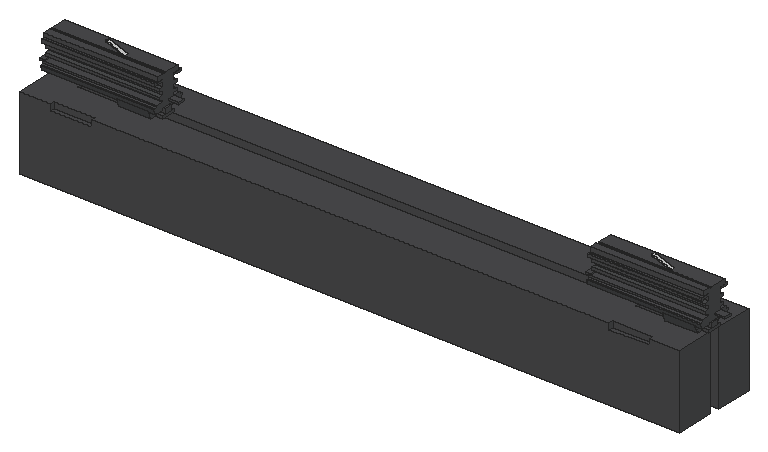
Revit family "DOT DOUBLE HEAD RAIL 646_DTM30U6.7_W6.7_N6.7", category Luminarias, Revit 2019
Family settings
  Cota de conector redondo = Diámetro de uso
  Tipo de pieza = Normal
  Se basa en plano de trabajo = Sí
  Siempre vertical = Sí
  Corte con vacíos al cargar = No
  Origen de luz = Sí
  Compartido = No
  Punto de cálculo de habitación = No
Parameters (values of type "DOT DOUBLE HEAD RAIL 646_DTM30W6.7.36")
  Ángulo de inclinación = 60.00°
  Ángulo de enfoque = 36.00°
  Ángulo de campo de foco = 36.00°
  Zone [instance] = ""
  Watt per fixture = 60
  Wattage = 60 W
  built-in parameter 1150107 = 3000 (stored number, unit not read)
  built-in parameter 1150110 = 1 (stored number, unit not read)
  built-in parameter 1150109 = 1 (stored number, unit not read)
  built-in parameter 1150112 = 1 (stored number, unit not read)
  built-in parameter 1150113 = 1 (stored number, unit not read)
  built-in parameter 1114218 = 1 (stored number, unit not read)
  Keynote = ""
  built-in parameter 1150137 = (empty or 0)
  built-in parameter 1150132 = (empty or 0)
  Modelo = "DTM30W6.7.15"
  Lámpara = "3030SMD PHILIPS"
  Light Source Symbol Length = 3048 mm
  built-in parameter 1150105 = 102855.4 (stored number, unit not read)
  built-in parameter 1150102 = (empty or 0)
  built-in parameter 1150106 = 1028.6 (stored number, unit not read)
  Lumens = 10200 lm
  Color Filter = 16777215
  built-in parameter 1114217 = 1 (stored number, unit not read)
  built-in parameter 1150139 = (empty or 0)
  Fabricante = "BRILLANT"
  Default Elevation = 1219.2 mm
  built-in parameter 1150104 = 15.794 (stored number, unit not read)
  Descripción = "LUMINARIA DE DOBLE CABEZAL TIPO DOWNLIGHT EN FORMATO RECTANGULAR COMPATIBLE CON RIEL DE 6 ENTRADAS Y 3 CIRCUITOS CON CABEZAL PARA PODER DIRIGIR LA LUMINARIA HASTA 90 GRADOS, CUERPO DE ALUMINIO ACABADO EN COLOR NEGRO, IP 20, PESO 2.96Kg, TIPO DE LED 3030SMD PHILIPS CON 60W TOTAL, 2800 LUMENES, 170LM/W, IRC 90, TEMPERATURA EN BLANCO CALIDO 3000K, 50 MIL HORAS DE VIDA PROMEDIO, APERTURA DE 36 GRADOS POR PROYECTO, ALIMENTADO A 90-240V"
  built-in parameter 1150115 = 1 (stored number, unit not read)
  built-in parameter 1150114 = 1 (stored number, unit not read)
  Comentarios de vataje = "90-240V"
  built-in parameter 1150138 = (empty or 0)
  built-in parameter 1150134 = (empty or 0)
  Circuit [instance] = ""
  Dimming Lamp Color Temperature Shift = (empty or 0)
  Longitud de símbolo de origen de luz = 3048 mm
Types (12, lengths in mm): name | Ángulo de enfoque | Ángulo de campo de foco | built-in parameter 1150107 | Modelo | built-in parameter 1150105 | built-in parameter 1150106 | Lumens | built-in parameter 1150104 | Descripción | built-in parameter 1150134
  DOT DOUBLE HEAD RAIL 646_DTM30N6.7.15 | 15.00° | 15.00° | 4000 (stored number, unit not read) | "DTM30N6.7.15" | 278393.1 (stored number, unit not read) | 2783.9 (stored number, unit not read) | 10800 lm | 16.723 (stored number, unit not read) | "LUMINARIA DE DOBLE CABEZAL TIPO DOWNLIGHT EN FORMATO RECTANGULAR COMPATIBLE CON RIEL DE 6 ENTRADAS Y 3 CIRCUITOS CON CABEZAL PARA PODER DIRIGIR LA LUMINARIA HASTA 90 GRADOS, CUERPO DE ALUMINIO ACABADO EN COLOR NEGRO, IP 20, PESO 2.96Kg, TIPO DE LED 3030SMD PHILIPS CON 60W TOTAL, 2900 LUMENES, 180LM/W, IRC 90, TEMPERATURA EN BLANCO FRIO 4000K, 50 MIL HORAS DE VIDA PROMEDIO, APERTURA DE 15 GRADOS POR PROYECTO, ALIMENTADO A 90-240V" | 12
  DOT DOUBLE HEAD RAIL 646_DTM30N6.7.1535 | 35.00° | 15.00° | 4000 (stored number, unit not read) | "DTM30N6.7.1535" | 278393.1 (stored number, unit not read) | 2783.9 (stored number, unit not read) | 10800 lm | 16.723 (stored number, unit not read) | "LUMINARIA DE DOBLE CABEZAL TIPO DOWNLIGHT EN FORMATO RECTANGULAR COMPATIBLE CON RIEL DE 6 ENTRADAS Y 3 CIRCUITOS CON CABEZAL PARA PODER DIRIGIR LA LUMINARIA HASTA 90 GRADOS, CUERPO DE ALUMINIO ACABADO EN COLOR NEGRO, IP 20, PESO 2.96Kg, TIPO DE LED 3030SMD PHILIPS CON 60W TOTAL, 2900 LUMENES, 180LM/W, IRC 90, TEMPERATURA EN BLANCO FRIO 4000K, 50 MIL HORAS DE VIDA PROMEDIO, APERTURA ELIPTICA DE 15X35 GRADOS POR PROYECTO, ALIMENTADO A 90-240V" | 12
  DOT DOUBLE HEAD RAIL 646_DTM30N6.7.36 | 36.00° | 36.00° | 4000 (stored number, unit not read) | "DTM30N6.7.36" | 278393.1 (stored number, unit not read) | 2783.9 (stored number, unit not read) | 10800 lm | 16.723 (stored number, unit not read) | "LUMINARIA DE DOBLE CABEZAL TIPO DOWNLIGHT EN FORMATO RECTANGULAR COMPATIBLE CON RIEL DE 6 ENTRADAS Y 3 CIRCUITOS CON CABEZAL PARA PODER DIRIGIR LA LUMINARIA HASTA 90 GRADOS, CUERPO DE ALUMINIO ACABADO EN COLOR NEGRO, IP 20, PESO 2.96Kg, TIPO DE LED 3030SMD PHILIPS CON 60W TOTAL, 2900 LUMENES, 180LM/W, IRC 90, TEMPERATURA EN BLANCO FRIO 4000K, 50 MIL HORAS DE VIDA PROMEDIO, APERTURA DE 36 GRADOS POR PROYECTO, ALIMENTADO A 90-240V" | 12
  DOT DOUBLE HEAD RAIL 646_DTM30N6.7.24 | 24.00° | 24.00° | 4000 (stored number, unit not read) | "DTM30N6.7.24" | 278393.1 (stored number, unit not read) | 2783.9 (stored number, unit not read) | 10800 lm | 16.723 (stored number, unit not read) | "LUMINARIA DE DOBLE CABEZAL TIPO DOWNLIGHT EN FORMATO RECTANGULAR COMPATIBLE CON RIEL DE 6 ENTRADAS Y 3 CIRCUITOS CON CABEZAL PARA PODER DIRIGIR LA LUMINARIA HASTA 90 GRADOS, CUERPO DE ALUMINIO ACABADO EN COLOR NEGRO, IP 20, PESO 2.96Kg, TIPO DE LED 3030SMD PHILIPS CON 60W TOTAL, 2900 LUMENES, 180LM/W, IRC 90, TEMPERATURA EN BLANCO FRIO 4000K, 50 MIL HORAS DE VIDA PROMEDIO, APERTURA DE 24 GRADOS POR STOCK, ALIMENTADO A 90-240V" | 12
  DOT DOUBLE HEAD RAIL 646_DTM30W6.7.24 | 24.00° | 24.00° | 3000 (stored number, unit not read) | "DTM30W6.7.24" | 102855.4 (stored number, unit not read) | 1028.6 (stored number, unit not read) | 10200 lm | 15.794 (stored number, unit not read) | "LUMINARIA DE DOBLE CABEZAL TIPO DOWNLIGHT EN FORMATO RECTANGULAR COMPATIBLE CON RIEL DE 6 ENTRADAS Y 3 CIRCUITOS CON CABEZAL PARA PODER DIRIGIR LA LUMINARIA HASTA 90 GRADOS, CUERPO DE ALUMINIO ACABADO EN COLOR NEGRO, IP 20, PESO 2.96Kg, TIPO DE LED 3030SMD PHILIPS CON 60W TOTAL, 2800 LUMENES, 170LM/W, IRC 90, TEMPERATURA EN BLANCO CALIDO 3000K, 50 MIL HORAS DE VIDA PROMEDIO, APERTURA DE 24 GRADOS POR STOCK, ALIMENTADO A 90-240V" | (empty or 0)
  DOT DOUBLE HEAD RAIL 646_DTM30W6.7.15 | 15.00° | 15.00° | 3000 (stored number, unit not read) | "DTM30W6.7.15" | 102855.4 (stored number, unit not read) | 1028.6 (stored number, unit not read) | 10200 lm | 15.794 (stored number, unit not read) | "LUMINARIA DE DOBLE CABEZAL TIPO DOWNLIGHT EN FORMATO RECTANGULAR COMPATIBLE CON RIEL DE 6 ENTRADAS Y 3 CIRCUITOS CON CABEZAL PARA PODER DIRIGIR LA LUMINARIA HASTA 90 GRADOS, CUERPO DE ALUMINIO ACABADO EN COLOR NEGRO, IP 20, PESO 2.96Kg, TIPO DE LED 3030SMD PHILIPS CON 60W TOTAL, 2800 LUMENES, 170LM/W, IRC 90, TEMPERATURA EN BLANCO CALIDO 3000K, 50 MIL HORAS DE VIDA PROMEDIO, APERTURA DE 15 GRADOS POR PROYECTO, ALIMENTADO A 90-240V" | (empty or 0)
  DOT DOUBLE HEAD RAIL 646_DTM30W6.7.36 | 36.00° | 36.00° | 3000 (stored number, unit not read) | "DTM30W6.7.15" | 102855.4 (stored number, unit not read) | 1028.6 (stored number, unit not read) | 10200 lm | 15.794 (stored number, unit not read) | "LUMINARIA DE DOBLE CABEZAL TIPO DOWNLIGHT EN FORMATO RECTANGULAR COMPATIBLE CON RIEL DE 6 ENTRADAS Y 3 CIRCUITOS CON CABEZAL PARA PODER DIRIGIR LA LUMINARIA HASTA 90 GRADOS, CUERPO DE ALUMINIO ACABADO EN COLOR NEGRO, IP 20, PESO 2.96Kg, TIPO DE LED 3030SMD PHILIPS CON 60W TOTAL, 2800 LUMENES, 170LM/W, IRC 90, TEMPERATURA EN BLANCO CALIDO 3000K, 50 MIL HORAS DE VIDA PROMEDIO, APERTURA DE 36 GRADOS POR PROYECTO, ALIMENTADO A 90-240V" | (empty or 0)
  DOT DOUBLE HEAD RAIL 646_DTM30W6.7.1535 | 35.00° | 15.00° | 3000 (stored number, unit not read) | "DTM30W6.7.1535" | 102855.4 (stored number, unit not read) | 1028.6 (stored number, unit not read) | 10200 lm | 15.794 (stored number, unit not read) | "LUMINARIA DE DOBLE CABEZAL TIPO DOWNLIGHT EN FORMATO RECTANGULAR COMPATIBLE CON RIEL DE 6 ENTRADAS Y 3 CIRCUITOS CON CABEZAL PARA PODER DIRIGIR LA LUMINARIA HASTA 90 GRADOS, CUERPO DE ALUMINIO ACABADO EN COLOR NEGRO, IP 20, PESO 2.96Kg, TIPO DE LED 3030SMD PHILIPS CON 60W TOTAL, 2800 LUMENES, 170LM/W, IRC 90, TEMPERATURA EN BLANCO CALIDO 3000K, 50 MIL HORAS DE VIDA PROMEDIO, APERTURA ELIPTICA DE 15X35 GRADOS POR PROYECTO, ALIMENTADO A 90-240V" | (empty or 0)
  DOT DOUBLE HEAD RAIL 646_DTM30U6.7.24 | 24.00° | 24.00° | 2700 (stored number, unit not read) | "DTM30U6.7.24" | 99225.2 (stored number, unit not read) | 992.25 (stored number, unit not read) | 9840 lm | 15.236 (stored number, unit not read) | "LUMINARIA DE DOBLE CABEZAL TIPO DOWNLIGHT EN FORMATO RECTANGULAR COMPATIBLE CON RIEL DE 6 ENTRADAS Y 3 CIRCUITOS CON CABEZAL PARA PODER DIRIGIR LA LUMINARIA HASTA 90 GRADOS, CUERPO DE ALUMINIO ACABADO EN COLOR NEGRO, IP 20, PESO 2.96Kg, TIPO DE LED 3030SMD PHILIPS CON 60W TOTAL, 2600 LUMENES, 164LM/W, IRC 90, TEMPERATURA EN BLANCO CALIDO 2700K, 50 MIL HORAS DE VIDA PROMEDIO, APERTURA DE 24 GRADOS POR STOCK, ALIMENTADO A 90-240V" | (empty or 0)
  DOT DOUBLE HEAD RAIL 646_DTM30U6.7.15 | 15.00° | 15.00° | 2700 (stored number, unit not read) | "DTM30U6.7.15" | 99225.2 (stored number, unit not read) | 992.25 (stored number, unit not read) | 9840 lm | 15.236 (stored number, unit not read) | "LUMINARIA DE DOBLE CABEZAL TIPO DOWNLIGHT EN FORMATO RECTANGULAR COMPATIBLE CON RIEL DE 6 ENTRADAS Y 3 CIRCUITOS CON CABEZAL PARA PODER DIRIGIR LA LUMINARIA HASTA 90 GRADOS, CUERPO DE ALUMINIO ACABADO EN COLOR NEGRO, IP 20, PESO 2.96Kg, TIPO DE LED 3030SMD PHILIPS CON 60W TOTAL, 2600 LUMENES, 164LM/W, IRC 90, TEMPERATURA EN BLANCO CALIDO 2700K, 50 MIL HORAS DE VIDA PROMEDIO, APERTURA DE 15 GRADOS POR PROYECTO, ALIMENTADO A 90-240V" | (empty or 0)
  DOT DOUBLE HEAD RAIL 646_DTM30U6.7.36 | 36.00° | 36.00° | 2700 (stored number, unit not read) | "DTM30U6.7.36" | 99225.2 (stored number, unit not read) | 992.25 (stored number, unit not read) | 9840 lm | 15.236 (stored number, unit not read) | "LUMINARIA DE DOBLE CABEZAL TIPO DOWNLIGHT EN FORMATO RECTANGULAR COMPATIBLE CON RIEL DE 6 ENTRADAS Y 3 CIRCUITOS CON CABEZAL PARA PODER DIRIGIR LA LUMINARIA HASTA 90 GRADOS, CUERPO DE ALUMINIO ACABADO EN COLOR NEGRO, IP 20, PESO 2.96Kg, TIPO DE LED 3030SMD PHILIPS CON 60W TOTAL, 2600 LUMENES, 164LM/W, IRC 90, TEMPERATURA EN BLANCO CALIDO 2700K, 50 MIL HORAS DE VIDA PROMEDIO, APERTURA DE 36 GRADOS POR PROYECTO, ALIMENTADO A 90-240V" | (empty or 0)
  DOT DOUBLE HEAD RAIL 646_DTM30U6.7.1535 | 35.00° | 15.00° | 2700 (stored number, unit not read) | "DTM30U6.7.1535" | 99225.2 (stored number, unit not read) | 992.25 (stored number, unit not read) | 9840 lm | 15.236 (stored number, unit not read) | "LUMINARIA DE DOBLE CABEZAL TIPO DOWNLIGHT EN FORMATO RECTANGULAR COMPATIBLE CON RIEL DE 6 ENTRADAS Y 3 CIRCUITOS CON CABEZAL PARA PODER DIRIGIR LA LUMINARIA HASTA 90 GRADOS, CUERPO DE ALUMINIO ACABADO EN COLOR NEGRO, IP 20, PESO 2.96Kg, TIPO DE LED 3030SMD PHILIPS CON 60W TOTAL, 2600 LUMENES, 164LM/W, IRC 90, TEMPERATURA EN BLANCO CALIDO 2700K, 50 MIL HORAS DE VIDA PROMEDIO, APERTURA ELIPTICA DE 15X35 GRADOS POR PROYECTO, ALIMENTADO A 90-240V" | (empty or 0)
Reference planes
  plane 1 "Centro (Frontal/Posterior)": y = 0
  plane 2: z = 0
  plane 3 "Centro (Izquierda/Derecha)": x = 0
Forms (mm)
  Extrusion 1, solid, material "Default Form", not visible
    sketch origin (-55.628, 0, 7.5) x (0, 1, 0) y (0, 0, 1)
      loop
        line (-7.273, 1.74) -> (7.273, 1.74) -> (7.273, 0) -> (15.231, 0) -> (17.006, 4.494) -> (15.021, 4.494) -> (14.058, 5.868) -> (14.058, 7.166) -> (6.473, 7.166) -> (6.473, 9.324) -> (10.169, 10.163) -> (10.169, 12.464) -> (6.473, 13.302) -> (6.473, 16.66) -> (10.169, 17.499) -> (10.169, 19.8) -> (6.473, 20.638) -> (6.473, 25.016) -> (13.839, 25.016) -> (14.514, 24.341) -> (15.775, 24.341) -> (15.775, 27.171) -> (14.73, 27.171) -> (14.058, 26.499) -> (6.473, 26.499) -> (6.473, 27.299) -> (12.377, 27.299) -> (12.377, 31.471) -> (-2.744, 31.471) -> (-2.744, 30.671) -> (-5.514, 30.671) -> (-5.514, 31.471) -> (-12.377, 31.471) -> (-12.377, 27.299) -> (-6.473, 27.299) -> (-6.473, 26.499) -> (-14.058, 26.499) -> (-14.73, 27.171) -> (-15.775, 27.171) -> (-15.775, 24.341) -> (-14.514, 24.341) -> (-13.839, 25.016) -> (-6.473, 25.016) -> (-6.473, 20.638) -> (-10.169, 19.8) -> (-10.169, 17.499) -> (-6.473, 16.66) -> (-6.473, 13.302) -> (-10.169, 12.464) -> (-10.169, 10.163) -> (-6.473, 9.324) -> (-6.473, 7.166) -> (-14.058, 7.166) -> (-14.058, 5.868) -> (-15.021, 4.494) -> (-17.006, 4.494) -> (-15.231, 0) -> (-7.273, 0) -> (-7.273, 1.74)
    from 0 to 111.256
  Extrusion 2, solid, material "Default Form", not visible
    sketch origin (0, 0, 0) x (1, 0, 0) y (0, 1, 0)
      loop
        line (-19.12, 6.873) -> (-19.12, -6.873) -> (19.12, -6.873) -> (19.12, 6.873) -> (-19.12, 6.873)
    from 0 to 2.67
  Extrusion 3, solid, material "Default Form", not visible
    sketch origin (0, 0, 0) x (1, 0, 0) y (0, 1, 0)
      loop
        line (-10.93, 3.188) -> (-10.93, -3.188) -> (10.93, -3.188) -> (10.93, 3.188) -> (-10.93, 3.188)
    from 2.67 to 7.5
  Extrusion 4, solid, material "Acero Inoxidable", not visible
    sketch origin (0, -1.594, 0) x (1, 0, 0) y (0, 0, -1)
      loop
        line (-15, -38.971) -> (3.794, -45.811) -> (4.341, -44.308) -> (3.589, -44.034) -> (3.316, -44.786) -> (-12.661, -38.971) -> (-15, -38.971)
    from 0 to 3.188
  Extrusion 5, solid, material "Default Form", not visible
    sketch origin (-55.628, 0, 7.5) x (0, 1, 0) y (0, 0, 1)
      loop
        line (-7.273, 1.74) -> (7.273, 1.74) -> (7.273, 0) -> (15.231, 0) -> (17.006, 4.494) -> (15.021, 4.494) -> (14.058, 5.868) -> (14.058, 7.166) -> (6.473, 7.166) -> (6.473, 9.324) -> (10.169, 10.163) -> (10.169, 12.464) -> (6.473, 13.302) -> (6.473, 16.66) -> (10.169, 17.499) -> (10.169, 19.8) -> (6.473, 20.638) -> (6.473, 25.016) -> (13.839, 25.016) -> (14.514, 24.341) -> (15.775, 24.341) -> (15.775, 27.171) -> (14.73, 27.171) -> (14.058, 26.499) -> (6.473, 26.499) -> (6.473, 27.299) -> (12.377, 27.299) -> (12.377, 31.471) -> (-2.744, 31.471) -> (-2.744, 30.671) -> (-5.514, 30.671) -> (-5.514, 31.471) -> (-12.377, 31.471) -> (-12.377, 27.299) -> (-6.473, 27.299) -> (-6.473, 26.499) -> (-14.058, 26.499) -> (-14.73, 27.171) -> (-15.775, 27.171) -> (-15.775, 24.341) -> (-14.514, 24.341) -> (-13.839, 25.016) -> (-6.473, 25.016) -> (-6.473, 20.638) -> (-10.169, 19.8) -> (-10.169, 17.499) -> (-6.473, 16.66) -> (-6.473, 13.302) -> (-10.169, 12.464) -> (-10.169, 10.163) -> (-6.473, 9.324) -> (-6.473, 7.166) -> (-14.058, 7.166) -> (-14.058, 5.868) -> (-15.021, 4.494) -> (-17.006, 4.494) -> (-15.231, 0) -> (-7.273, 0) -> (-7.273, 1.74)
    from 0 to 111.256
  Extrusion 6, solid, material "Default Form", not visible
    sketch origin (0, 0, 0) x (1, 0, 0) y (0, 1, 0)
      loop
        line (-19.12, 6.873) -> (-19.12, -6.873) -> (19.12, -6.873) -> (19.12, 6.873) -> (-19.12, 6.873)
    from 0 to 2.67
  Extrusion 7, solid, material "Default Form", not visible
    sketch origin (0, 0, 0) x (1, 0, 0) y (0, 1, 0)
      loop
        line (-10.93, 3.188) -> (-10.93, -3.188) -> (10.93, -3.188) -> (10.93, 3.188) -> (-10.93, 3.188)
    from 2.67 to 7.5
  Extrusion 8, solid, material "Acero Inoxidable", not visible
    sketch origin (0, -1.594, 0) x (1, 0, 0) y (0, 0, -1)
      loop
        line (-15, -38.971) -> (3.794, -45.811) -> (4.341, -44.308) -> (3.589, -44.034) -> (3.316, -44.786) -> (-12.661, -38.971) -> (-15, -38.971)
    from 0 to 3.188
  Extrusion 9, solid, material "Default Form", not visible
    sketch origin (0, 0, 0) x (1, 0, 0) y (0, 1, 0)
      loop
        line (-55.628, 6.473) -> (-66.331, 6.473) -> (-66.331, 0) -> (-55.628, 0) -> (-55.628, 6.473)
      loop
        line (55.628, 12.377) -> (55.628, -12.149) -> (60.628, -12.149) -> (60.628, 12.377) -> (55.628, 12.377)
    from 13.368 to 15
  Extrusion 10, solid, material "Default Form"
    sketch origin (323, 0, 7.5) x (0, 1, 0) y (0, 0, -1)
      loop
        line (-7.273, -1.74) -> (-7.273, 0) -> (-15.231, 0) -> (-17.006, -4.494) -> (-15.021, -4.494) -> (-14.058, -5.868) -> (-14.058, -7.166) -> (-6.473, -7.166) -> (-6.473, -9.324) -> (-10.169, -10.163) -> (-10.169, -12.464) -> (-6.473, -13.302) -> (-6.473, -16.66) -> (-10.169, -17.499) -> (-10.169, -19.8) -> (-6.473, -20.638) -> (-6.473, -25.016) -> (-13.839, -25.016) -> (-14.514, -24.341) -> (-15.775, -24.341) -> (-15.775, -27.171) -> (-14.73, -27.171) -> (-14.058, -26.499) -> (-6.473, -26.499) -> (-6.473, -27.299) -> (-12.377, -27.299) -> (-12.377, -31.471) -> (-5.514, -31.471) -> (-5.514, -30.671) -> (-2.744, -30.671) -> (-2.744, -31.471) -> (12.377, -31.471) -> (12.377, -27.299) -> (6.473, -27.299) -> (6.473, -26.499) -> (14.058, -26.499) -> (14.73, -27.171) -> (15.775, -27.171) -> (15.775, -24.341) -> (14.514, -24.341) -> (13.839, -25.016) -> (6.473, -25.016) -> (6.473, -20.638) -> (10.169, -19.8) -> (10.169, -17.499) -> (6.473, -16.66) -> (6.473, -13.302) -> (10.169, -12.464) -> (10.169, -10.163) -> (6.473, -9.324) -> (6.473, -7.166) -> (14.058, -7.166) -> (14.058, -5.868) -> (15.021, -4.494) -> (17.006, -4.494) -> (15.231, 0) -> (7.273, 0) -> (7.273, -1.74) -> (-7.273, -1.74)
    from 0 to 111.256
  Extrusion 11, solid, material "Default Form"
    sketch origin (303.88, 0, 0) x (-1, 0, 0) y (0, -1, 0)
      loop
        line (-19.12, -6.873) -> (19.12, -6.873) -> (19.12, 6.873) -> (-19.12, 6.873) -> (-19.12, -6.873)
    from 0 to 2.67
  Extrusion 12, solid, material "Default Form"
    sketch origin (303.88, 0, 0) x (-1, 0, 0) y (0, -1, 0)
      loop
        line (-19.12, -3.188) -> (-12.506, -3.188) -> (-12.506, 3.188) -> (-19.12, 3.188) -> (-19.12, -3.188)
    from 2.67 to 7.5
  Extrusion 13, solid, material "Acero Inoxidable"
    sketch origin (267.372, -1.594, 0) x (-1, 0, 0) y (0, 0, 1)
      loop
        line (-15, 38.971) -> (-12.661, 38.971) -> (3.316, 44.786) -> (3.589, 44.034) -> (4.341, 44.308) -> (3.794, 45.811) -> (-15, 38.971)
    from 0 to 3.188
  Extrusion 14, solid, material "Default Form"
    sketch origin (267.372, 0, 0) x (-1, 0, 0) y (0, -1, 0)
      loop
        line (-55.628, -6.473) -> (-55.628, 0) -> (-66.331, 0) -> (-66.331, -6.473) -> (-55.628, -6.473)
      loop
        line (55.628, -12.377) -> (60.628, -12.377) -> (60.628, 12.149) -> (55.628, 12.149) -> (55.628, -12.377)
    from 13.368 to 15
  Extrusion 15, solid, material "Default Form"
    sketch origin (0, -23.326, 0) x (1, 0, 0) y (0, 0, 1)
      loop
        line (-323, 0) -> (-323, -72) -> (323, -72) -> (323, 0) -> (-323, 0)
    from -18.326 to 18.326
  Blend 16, void
    base sketch origin (0, -23.326, 0) x (1, 0, 0) y (0, 1, 0)
      loop
        line (-162, 16.149) -> (-162, -16.149) -> (-144.14, -16.149) -> (-144.14, 16.149) -> (-162, 16.149)
    top sketch origin (0, -23.326, 0) x (1, 0, 0) y (0, 1, 0)
      loop
        line (-160, 12.149) -> (-160, -12.149) -> (-146.14, -12.149) -> (-146.14, 12.149) -> (-160, 12.149)
    from -72 to -61.591
  Blend 17, void
    base sketch origin (21.86, -23.326, 0) x (1, 0, 0) y (0, 1, 0)
      loop
        line (-162, 16.149) -> (-162, -16.149) -> (-144.14, -16.149) -> (-144.14, 16.149) -> (-162, 16.149)
    top sketch origin (21.86, -23.326, 0) x (1, 0, 0) y (0, 1, 0)
      loop
        line (-160, 12.149) -> (-160, -12.149) -> (-146.14, -12.149) -> (-146.14, 12.149) -> (-160, 12.149)
    from -72 to -61.591
  Blend 18, void
    base sketch origin (43.72, -23.326, 0) x (1, 0, 0) y (0, 1, 0)
      loop
        line (-162, 16.149) -> (-162, -16.149) -> (-144.14, -16.149) -> (-144.14, 16.149) -> (-162, 16.149)
    top sketch origin (43.72, -23.326, 0) x (1, 0, 0) y (0, 1, 0)
      loop
        line (-160, 12.149) -> (-160, -12.149) -> (-146.14, -12.149) -> (-146.14, 12.149) -> (-160, 12.149)
    from -72 to -61.591
  Blend 19, void
    base sketch origin (65.58, -23.326, 0) x (1, 0, 0) y (0, 1, 0)
      loop
        line (-162, 16.149) -> (-162, -16.149) -> (-144.14, -16.149) -> (-144.14, 16.149) -> (-162, 16.149)
    top sketch origin (65.58, -23.326, 0) x (1, 0, 0) y (0, 1, 0)
      loop
        line (-160, 12.149) -> (-160, -12.149) -> (-146.14, -12.149) -> (-146.14, 12.149) -> (-160, 12.149)
    from -72 to -61.591
  Blend 20, void
    base sketch origin (87.44, -23.326, 0) x (1, 0, 0) y (0, 1, 0)
      loop
        line (-162, 16.149) -> (-162, -16.149) -> (-144.14, -16.149) -> (-144.14, 16.149) -> (-162, 16.149)
    top sketch origin (87.44, -23.326, 0) x (1, 0, 0) y (0, 1, 0)
      loop
        line (-160, 12.149) -> (-160, -12.149) -> (-146.14, -12.149) -> (-146.14, 12.149) -> (-160, 12.149)
    from -72 to -61.591
  Blend 21, void
    base sketch origin (109.3, -23.326, 0) x (1, 0, 0) y (0, 1, 0)
      loop
        line (-162, 16.149) -> (-162, -16.149) -> (-144.14, -16.149) -> (-144.14, 16.149) -> (-162, 16.149)
    top sketch origin (109.3, -23.326, 0) x (1, 0, 0) y (0, 1, 0)
      loop
        line (-160, 12.149) -> (-160, -12.149) -> (-146.14, -12.149) -> (-146.14, 12.149) -> (-160, 12.149)
    from -72 to -61.591
  Blend 22, void
    base sketch origin (131.16, -23.326, 0) x (1, 0, 0) y (0, 1, 0)
      loop
        line (-162, 16.149) -> (-162, -16.149) -> (-144.14, -16.149) -> (-144.14, 16.149) -> (-162, 16.149)
    top sketch origin (131.16, -23.326, 0) x (1, 0, 0) y (0, 1, 0)
      loop
        line (-160, 12.149) -> (-160, -12.149) -> (-146.14, -12.149) -> (-146.14, 12.149) -> (-160, 12.149)
    from -72 to -61.591
  Blend 23, void
    base sketch origin (153.02, -23.326, 0) x (1, 0, 0) y (0, 1, 0)
      loop
        line (-162, 16.149) -> (-162, -16.149) -> (-144.14, -16.149) -> (-144.14, 16.149) -> (-162, 16.149)
    top sketch origin (153.02, -23.326, 0) x (1, 0, 0) y (0, 1, 0)
      loop
        line (-160, 12.149) -> (-160, -12.149) -> (-146.14, -12.149) -> (-146.14, 12.149) -> (-160, 12.149)
    from -72 to -61.591
  Blend 24, void
    base sketch origin (174.88, -23.326, 0) x (1, 0, 0) y (0, 1, 0)
      loop
        line (-162, 16.149) -> (-162, -16.149) -> (-144.14, -16.149) -> (-144.14, 16.149) -> (-162, 16.149)
    top sketch origin (174.88, -23.326, 0) x (1, 0, 0) y (0, 1, 0)
      loop
        line (-160, 12.149) -> (-160, -12.149) -> (-146.14, -12.149) -> (-146.14, 12.149) -> (-160, 12.149)
    from -72 to -61.591
  Blend 25, void
    base sketch origin (196.74, -23.326, 0) x (1, 0, 0) y (0, 1, 0)
      loop
        line (-162, 16.149) -> (-162, -16.149) -> (-144.14, -16.149) -> (-144.14, 16.149) -> (-162, 16.149)
    top sketch origin (196.74, -23.326, 0) x (1, 0, 0) y (0, 1, 0)
      loop
        line (-160, 12.149) -> (-160, -12.149) -> (-146.14, -12.149) -> (-146.14, 12.149) -> (-160, 12.149)
    from -72 to -61.591
  Blend 26, void
    base sketch origin (218.6, -23.326, 0) x (1, 0, 0) y (0, 1, 0)
      loop
        line (-162, 16.149) -> (-162, -16.149) -> (-144.14, -16.149) -> (-144.14, 16.149) -> (-162, 16.149)
    top sketch origin (218.6, -23.326, 0) x (1, 0, 0) y (0, 1, 0)
      loop
        line (-160, 12.149) -> (-160, -12.149) -> (-146.14, -12.149) -> (-146.14, 12.149) -> (-160, 12.149)
    from -72 to -61.591
  Blend 27, void
    base sketch origin (240.46, -23.326, 0) x (1, 0, 0) y (0, 1, 0)
      loop
        line (-162, 16.149) -> (-162, -16.149) -> (-144.14, -16.149) -> (-144.14, 16.149) -> (-162, 16.149)
    top sketch origin (240.46, -23.326, 0) x (1, 0, 0) y (0, 1, 0)
      loop
        line (-160, 12.149) -> (-160, -12.149) -> (-146.14, -12.149) -> (-146.14, 12.149) -> (-160, 12.149)
    from -72 to -61.591
  Blend 28, void
    base sketch origin (262.32, -23.326, 0) x (1, 0, 0) y (0, 1, 0)
      loop
        line (-162, 16.149) -> (-162, -16.149) -> (-144.14, -16.149) -> (-144.14, 16.149) -> (-162, 16.149)
    top sketch origin (262.32, -23.326, 0) x (1, 0, 0) y (0, 1, 0)
      loop
        line (-160, 12.149) -> (-160, -12.149) -> (-146.14, -12.149) -> (-146.14, 12.149) -> (-160, 12.149)
    from -72 to -61.591
  Blend 29, void
    base sketch origin (284.18, -23.326, 0) x (1, 0, 0) y (0, 1, 0)
      loop
        line (-162, 16.149) -> (-162, -16.149) -> (-144.14, -16.149) -> (-144.14, 16.149) -> (-162, 16.149)
    top sketch origin (284.18, -23.326, 0) x (1, 0, 0) y (0, 1, 0)
      loop
        line (-160, 12.149) -> (-160, -12.149) -> (-146.14, -12.149) -> (-146.14, 12.149) -> (-160, 12.149)
    from -72 to -61.591
  Blend 30, void
    base sketch origin (306.04, -23.326, 0) x (1, 0, 0) y (0, 1, 0)
      loop
        line (-162, 16.149) -> (-162, -16.149) -> (-144.14, -16.149) -> (-144.14, 16.149) -> (-162, 16.149)
    top sketch origin (306.04, -23.326, 0) x (1, 0, 0) y (0, 1, 0)
      loop
        line (-160, 12.149) -> (-160, -12.149) -> (-146.14, -12.149) -> (-146.14, 12.149) -> (-160, 12.149)
    from -72 to -61.591
  Extrusion 31, void
    sketch origin (0, -23.326, 0) x (1, 0, 0) y (0, 1, 0)
      loop
        line (-293.16, 18.326) -> (-293.16, 14.276) -> (-253.44, 14.276) -> (-253.44, 18.326) -> (-293.16, 18.326)
      loop
        line (-293.16, -18.326) -> (-253.44, -18.326) -> (-253.44, -14.276) -> (-293.16, -14.276) -> (-293.16, -18.326)
      loop
        line (293.16, 18.326) -> (253.44, 18.326) -> (253.44, 14.276) -> (293.16, 14.276) -> (293.16, 18.326)
      loop
        line (293.16, -18.326) -> (293.16, -14.276) -> (253.44, -14.276) -> (253.44, -18.326) -> (293.16, -18.326)
    from -6.015 to 0
  Extrusion 32, solid, material "Default Form"
    sketch origin (424.899, 0, 0) x (0, 1, 0) y (0, 0, -1)
      loop
        line (15.231, -7.5) -> (12.269, 0) -> (-12.269, 0) -> (-15.231, -7.5) -> (-7.273, -7.5) -> (-7.273, -9.24) -> (7.273, -9.24) -> (7.273, -7.5) -> (15.231, -7.5)
    from 108.514 to 140.14
  Blend 33, void
    base sketch origin (-109.3, -23.326, 0) x (1, 0, 0) y (0, 1, 0)
      loop
        line (-162, 16.149) -> (-162, -16.149) -> (-144.14, -16.149) -> (-144.14, 16.149) -> (-162, 16.149)
    top sketch origin (-109.3, -23.326, 0) x (1, 0, 0) y (0, 1, 0)
      loop
        line (-160, 12.149) -> (-160, -12.149) -> (-146.14, -12.149) -> (-146.14, 12.149) -> (-160, 12.149)
    from -72 to -61.591
  Blend 34, void
    base sketch origin (-87.44, -23.326, 0) x (1, 0, 0) y (0, 1, 0)
      loop
        line (-162, 16.149) -> (-162, -16.149) -> (-144.14, -16.149) -> (-144.14, 16.149) -> (-162, 16.149)
    top sketch origin (-87.44, -23.326, 0) x (1, 0, 0) y (0, 1, 0)
      loop
        line (-160, 12.149) -> (-160, -12.149) -> (-146.14, -12.149) -> (-146.14, 12.149) -> (-160, 12.149)
    from -72 to -61.591
  Blend 35, void
    base sketch origin (-65.58, -23.326, 0) x (1, 0, 0) y (0, 1, 0)
      loop
        line (-162, 16.149) -> (-162, -16.149) -> (-144.14, -16.149) -> (-144.14, 16.149) -> (-162, 16.149)
    top sketch origin (-65.58, -23.326, 0) x (1, 0, 0) y (0, 1, 0)
      loop
        line (-160, 12.149) -> (-160, -12.149) -> (-146.14, -12.149) -> (-146.14, 12.149) -> (-160, 12.149)
    from -72 to -61.591
  Blend 36, void
    base sketch origin (-43.72, -23.326, 0) x (1, 0, 0) y (0, 1, 0)
      loop
        line (-162, 16.149) -> (-162, -16.149) -> (-144.14, -16.149) -> (-144.14, 16.149) -> (-162, 16.149)
    top sketch origin (-43.72, -23.326, 0) x (1, 0, 0) y (0, 1, 0)
      loop
        line (-160, 12.149) -> (-160, -12.149) -> (-146.14, -12.149) -> (-146.14, 12.149) -> (-160, 12.149)
    from -72 to -61.591
  Blend 37, void
    base sketch origin (-21.86, -23.326, 0) x (1, 0, 0) y (0, 1, 0)
      loop
        line (-162, 16.149) -> (-162, -16.149) -> (-144.14, -16.149) -> (-144.14, 16.149) -> (-162, 16.149)
    top sketch origin (-21.86, -23.326, 0) x (1, 0, 0) y (0, 1, 0)
      loop
        line (-160, 12.149) -> (-160, -12.149) -> (-146.14, -12.149) -> (-146.14, 12.149) -> (-160, 12.149)
    from -72 to -61.591
  Blend 38, void
    base sketch origin (327.9, -23.326, 0) x (1, 0, 0) y (0, 1, 0)
      loop
        line (-162, 16.149) -> (-162, -16.149) -> (-144.14, -16.149) -> (-144.14, 16.149) -> (-162, 16.149)
    top sketch origin (327.9, -23.326, 0) x (1, 0, 0) y (0, 1, 0)
      loop
        line (-160, 12.149) -> (-160, -12.149) -> (-146.14, -12.149) -> (-146.14, 12.149) -> (-160, 12.149)
    from -72 to -61.591
  Blend 39, void
    base sketch origin (349.76, -23.326, 0) x (1, 0, 0) y (0, 1, 0)
      loop
        line (-162, 16.149) -> (-162, -16.149) -> (-144.14, -16.149) -> (-144.14, 16.149) -> (-162, 16.149)
    top sketch origin (349.76, -23.326, 0) x (1, 0, 0) y (0, 1, 0)
      loop
        line (-160, 12.149) -> (-160, -12.149) -> (-146.14, -12.149) -> (-146.14, 12.149) -> (-160, 12.149)
    from -72 to -61.591
  Blend 40, void
    base sketch origin (371.62, -23.326, 0) x (1, 0, 0) y (0, 1, 0)
      loop
        line (-162, 16.149) -> (-162, -16.149) -> (-144.14, -16.149) -> (-144.14, 16.149) -> (-162, 16.149)
    top sketch origin (371.62, -23.326, 0) x (1, 0, 0) y (0, 1, 0)
      loop
        line (-160, 12.149) -> (-160, -12.149) -> (-146.14, -12.149) -> (-146.14, 12.149) -> (-160, 12.149)
    from -72 to -61.591
  Blend 41, void
    base sketch origin (393.48, -23.326, 0) x (1, 0, 0) y (0, 1, 0)
      loop
        line (-162, 16.149) -> (-162, -16.149) -> (-144.14, -16.149) -> (-144.14, 16.149) -> (-162, 16.149)
    top sketch origin (393.48, -23.326, 0) x (1, 0, 0) y (0, 1, 0)
      loop
        line (-160, 12.149) -> (-160, -12.149) -> (-146.14, -12.149) -> (-146.14, 12.149) -> (-160, 12.149)
    from -72 to -61.591
  Blend 42, void
    base sketch origin (415.34, -23.326, 0) x (1, 0, 0) y (0, 1, 0)
      loop
        line (-162, 16.149) -> (-162, -16.149) -> (-144.14, -16.149) -> (-144.14, 16.149) -> (-162, 16.149)
    top sketch origin (415.34, -23.326, 0) x (1, 0, 0) y (0, 1, 0)
      loop
        line (-160, 12.149) -> (-160, -12.149) -> (-146.14, -12.149) -> (-146.14, 12.149) -> (-160, 12.149)
    from -72 to -61.591
  Extrusion 43, solid, material "Default Form"
    sketch origin (-211.744, 0, 7.5) x (0, 1, 0) y (0, 0, -1)
      loop
        line (-7.273, -1.74) -> (-7.273, 0) -> (-15.231, 0) -> (-17.006, -4.494) -> (-15.021, -4.494) -> (-14.058, -5.868) -> (-14.058, -7.166) -> (-6.473, -7.166) -> (-6.473, -9.324) -> (-10.169, -10.163) -> (-10.169, -12.464) -> (-6.473, -13.302) -> (-6.473, -16.66) -> (-10.169, -17.499) -> (-10.169, -19.8) -> (-6.473, -20.638) -> (-6.473, -25.016) -> (-13.839, -25.016) -> (-14.514, -24.341) -> (-15.775, -24.341) -> (-15.775, -27.171) -> (-14.73, -27.171) -> (-14.058, -26.499) -> (-6.473, -26.499) -> (-6.473, -27.299) -> (-12.377, -27.299) -> (-12.377, -31.471) -> (-5.514, -31.471) -> (-5.514, -30.671) -> (-2.744, -30.671) -> (-2.744, -31.471) -> (12.377, -31.471) -> (12.377, -27.299) -> (6.473, -27.299) -> (6.473, -26.499) -> (14.058, -26.499) -> (14.73, -27.171) -> (15.775, -27.171) -> (15.775, -24.341) -> (14.514, -24.341) -> (13.839, -25.016) -> (6.473, -25.016) -> (6.473, -20.638) -> (10.169, -19.8) -> (10.169, -17.499) -> (6.473, -16.66) -> (6.473, -13.302) -> (10.169, -12.464) -> (10.169, -10.163) -> (6.473, -9.324) -> (6.473, -7.166) -> (14.058, -7.166) -> (14.058, -5.868) -> (15.021, -4.494) -> (17.006, -4.494) -> (15.231, 0) -> (7.273, 0) -> (7.273, -1.74) -> (-7.273, -1.74)
    from 0 to 111.256
  Extrusion 44, solid, material "Default Form"
    sketch origin (-230.865, 0, 0) x (-1, 0, 0) y (0, -1, 0)
      loop
        line (-19.12, -6.873) -> (19.12, -6.873) -> (19.12, 6.873) -> (-19.12, 6.873) -> (-19.12, -6.873)
    from 0 to 2.67
  Extrusion 45, solid, material "Default Form"
    sketch origin (-230.865, 0, 0) x (-1, 0, 0) y (0, -1, 0)
      loop
        line (-19.12, -3.188) -> (-12.506, -3.188) -> (-12.506, 3.188) -> (-19.12, 3.188) -> (-19.12, -3.188)
    from 2.67 to 7.5
  Extrusion 46, solid, material "Acero Inoxidable"
    sketch origin (-267.372, -1.594, 0) x (-1, 0, 0) y (0, 0, 1)
      loop
        line (-15, 38.971) -> (-12.661, 38.971) -> (3.316, 44.786) -> (3.589, 44.034) -> (4.341, 44.308) -> (3.794, 45.811) -> (-15, 38.971)
    from 0 to 3.188
  Extrusion 47, solid, material "Default Form"
    sketch origin (-267.372, 0, 0) x (-1, 0, 0) y (0, -1, 0)
      loop
        line (-55.628, -6.473) -> (-55.628, 0) -> (-66.331, 0) -> (-66.331, -6.473) -> (-55.628, -6.473)
      loop
        line (55.628, -12.377) -> (60.628, -12.377) -> (60.628, 12.149) -> (55.628, 12.149) -> (55.628, -12.377)
    from 13.368 to 15
  Extrusion 48, solid, material "Default Form"
    sketch origin (-109.845, 0, 0) x (0, 1, 0) y (0, 0, -1)
      loop
        line (15.231, -7.5) -> (12.269, 0) -> (-12.269, 0) -> (-15.231, -7.5) -> (-7.273, -7.5) -> (-7.273, -9.24) -> (7.273, -9.24) -> (7.273, -7.5) -> (15.231, -7.5)
    from 108.514 to 140.14
  Extrusion 49, solid, material "Default Form"
    sketch origin (0, 23.326, 0) x (1, 0, 0) y (0, 0, -1)
      loop
        line (-323, 0) -> (323, 0) -> (323, 72) -> (-323, 72) -> (-323, 0)
    from -18.326 to 18.326
  Blend 50, void
    base sketch origin (0, 23.326, 0) x (1, 0, 0) y (0, 1, 0)
      loop
        line (-162, -16.149) -> (-144.14, -16.149) -> (-144.14, 16.149) -> (-162, 16.149) -> (-162, -16.149)
    top sketch origin (0, 23.326, 0) x (1, 0, 0) y (0, 1, 0)
      loop
        line (-160, -12.149) -> (-146.14, -12.149) -> (-146.14, 12.149) -> (-160, 12.149) -> (-160, -12.149)
    from -72 to -61.591
  Blend 51, void
    base sketch origin (21.86, 23.326, 0) x (1, 0, 0) y (0, 1, 0)
      loop
        line (-162, -16.149) -> (-144.14, -16.149) -> (-144.14, 16.149) -> (-162, 16.149) -> (-162, -16.149)
    top sketch origin (21.86, 23.326, 0) x (1, 0, 0) y (0, 1, 0)
      loop
        line (-160, -12.149) -> (-146.14, -12.149) -> (-146.14, 12.149) -> (-160, 12.149) -> (-160, -12.149)
    from -72 to -61.591
  Blend 52, void
    base sketch origin (43.72, 23.326, 0) x (1, 0, 0) y (0, 1, 0)
      loop
        line (-162, -16.149) -> (-144.14, -16.149) -> (-144.14, 16.149) -> (-162, 16.149) -> (-162, -16.149)
    top sketch origin (43.72, 23.326, 0) x (1, 0, 0) y (0, 1, 0)
      loop
        line (-160, -12.149) -> (-146.14, -12.149) -> (-146.14, 12.149) -> (-160, 12.149) -> (-160, -12.149)
    from -72 to -61.591
  Blend 53, void
    base sketch origin (65.58, 23.326, 0) x (1, 0, 0) y (0, 1, 0)
      loop
        line (-162, -16.149) -> (-144.14, -16.149) -> (-144.14, 16.149) -> (-162, 16.149) -> (-162, -16.149)
    top sketch origin (65.58, 23.326, 0) x (1, 0, 0) y (0, 1, 0)
      loop
        line (-160, -12.149) -> (-146.14, -12.149) -> (-146.14, 12.149) -> (-160, 12.149) -> (-160, -12.149)
    from -72 to -61.591
  Blend 54, void
    base sketch origin (87.44, 23.326, 0) x (1, 0, 0) y (0, 1, 0)
      loop
        line (-162, -16.149) -> (-144.14, -16.149) -> (-144.14, 16.149) -> (-162, 16.149) -> (-162, -16.149)
    top sketch origin (87.44, 23.326, 0) x (1, 0, 0) y (0, 1, 0)
      loop
        line (-160, -12.149) -> (-146.14, -12.149) -> (-146.14, 12.149) -> (-160, 12.149) -> (-160, -12.149)
    from -72 to -61.591
  Blend 55, void
    base sketch origin (109.3, 23.326, 0) x (1, 0, 0) y (0, 1, 0)
      loop
        line (-162, -16.149) -> (-144.14, -16.149) -> (-144.14, 16.149) -> (-162, 16.149) -> (-162, -16.149)
    top sketch origin (109.3, 23.326, 0) x (1, 0, 0) y (0, 1, 0)
      loop
        line (-160, -12.149) -> (-146.14, -12.149) -> (-146.14, 12.149) -> (-160, 12.149) -> (-160, -12.149)
    from -72 to -61.591
  Blend 56, void
    base sketch origin (131.16, 23.326, 0) x (1, 0, 0) y (0, 1, 0)
      loop
        line (-162, -16.149) -> (-144.14, -16.149) -> (-144.14, 16.149) -> (-162, 16.149) -> (-162, -16.149)
    top sketch origin (131.16, 23.326, 0) x (1, 0, 0) y (0, 1, 0)
      loop
        line (-160, -12.149) -> (-146.14, -12.149) -> (-146.14, 12.149) -> (-160, 12.149) -> (-160, -12.149)
    from -72 to -61.591
  Blend 57, void
    base sketch origin (153.02, 23.326, 0) x (1, 0, 0) y (0, 1, 0)
      loop
        line (-162, -16.149) -> (-144.14, -16.149) -> (-144.14, 16.149) -> (-162, 16.149) -> (-162, -16.149)
    top sketch origin (153.02, 23.326, 0) x (1, 0, 0) y (0, 1, 0)
      loop
        line (-160, -12.149) -> (-146.14, -12.149) -> (-146.14, 12.149) -> (-160, 12.149) -> (-160, -12.149)
    from -72 to -61.591
  Blend 58, void
    base sketch origin (174.88, 23.326, 0) x (1, 0, 0) y (0, 1, 0)
      loop
        line (-162, -16.149) -> (-144.14, -16.149) -> (-144.14, 16.149) -> (-162, 16.149) -> (-162, -16.149)
    top sketch origin (174.88, 23.326, 0) x (1, 0, 0) y (0, 1, 0)
      loop
        line (-160, -12.149) -> (-146.14, -12.149) -> (-146.14, 12.149) -> (-160, 12.149) -> (-160, -12.149)
    from -72 to -61.591
  Blend 59, void
    base sketch origin (196.74, 23.326, 0) x (1, 0, 0) y (0, 1, 0)
      loop
        line (-162, -16.149) -> (-144.14, -16.149) -> (-144.14, 16.149) -> (-162, 16.149) -> (-162, -16.149)
    top sketch origin (196.74, 23.326, 0) x (1, 0, 0) y (0, 1, 0)
      loop
        line (-160, -12.149) -> (-146.14, -12.149) -> (-146.14, 12.149) -> (-160, 12.149) -> (-160, -12.149)
    from -72 to -61.591
  Blend 60, void
    base sketch origin (218.6, 23.326, 0) x (1, 0, 0) y (0, 1, 0)
      loop
        line (-162, -16.149) -> (-144.14, -16.149) -> (-144.14, 16.149) -> (-162, 16.149) -> (-162, -16.149)
    top sketch origin (218.6, 23.326, 0) x (1, 0, 0) y (0, 1, 0)
      loop
        line (-160, -12.149) -> (-146.14, -12.149) -> (-146.14, 12.149) -> (-160, 12.149) -> (-160, -12.149)
    from -72 to -61.591
  Blend 61, void
    base sketch origin (240.46, 23.326, 0) x (1, 0, 0) y (0, 1, 0)
      loop
        line (-162, -16.149) -> (-144.14, -16.149) -> (-144.14, 16.149) -> (-162, 16.149) -> (-162, -16.149)
    top sketch origin (240.46, 23.326, 0) x (1, 0, 0) y (0, 1, 0)
      loop
        line (-160, -12.149) -> (-146.14, -12.149) -> (-146.14, 12.149) -> (-160, 12.149) -> (-160, -12.149)
    from -72 to -61.591
  Blend 62, void
    base sketch origin (262.32, 23.326, 0) x (1, 0, 0) y (0, 1, 0)
      loop
        line (-162, -16.149) -> (-144.14, -16.149) -> (-144.14, 16.149) -> (-162, 16.149) -> (-162, -16.149)
    top sketch origin (262.32, 23.326, 0) x (1, 0, 0) y (0, 1, 0)
      loop
        line (-160, -12.149) -> (-146.14, -12.149) -> (-146.14, 12.149) -> (-160, 12.149) -> (-160, -12.149)
    from -72 to -61.591
  Blend 63, void
    base sketch origin (284.18, 23.326, 0) x (1, 0, 0) y (0, 1, 0)
      loop
        line (-162, -16.149) -> (-144.14, -16.149) -> (-144.14, 16.149) -> (-162, 16.149) -> (-162, -16.149)
    top sketch origin (284.18, 23.326, 0) x (1, 0, 0) y (0, 1, 0)
      loop
        line (-160, -12.149) -> (-146.14, -12.149) -> (-146.14, 12.149) -> (-160, 12.149) -> (-160, -12.149)
    from -72 to -61.591
  Blend 64, void
    base sketch origin (306.04, 23.326, 0) x (1, 0, 0) y (0, 1, 0)
      loop
        line (-162, -16.149) -> (-144.14, -16.149) -> (-144.14, 16.149) -> (-162, 16.149) -> (-162, -16.149)
    top sketch origin (306.04, 23.326, 0) x (1, 0, 0) y (0, 1, 0)
      loop
        line (-160, -12.149) -> (-146.14, -12.149) -> (-146.14, 12.149) -> (-160, 12.149) -> (-160, -12.149)
    from -72 to -61.591
  Extrusion 65, void
    sketch origin (0, 23.326, 0) x (1, 0, 0) y (0, 1, 0)
      loop
        line (-293.16, -18.326) -> (-253.44, -18.326) -> (-253.44, -14.276) -> (-293.16, -14.276) -> (-293.16, -18.326)
      loop
        line (-293.16, 18.326) -> (-293.16, 14.276) -> (-253.44, 14.276) -> (-253.44, 18.326) -> (-293.16, 18.326)
      loop
        line (293.16, -18.326) -> (293.16, -14.276) -> (253.44, -14.276) -> (253.44, -18.326) -> (293.16, -18.326)
      loop
        line (293.16, 18.326) -> (253.44, 18.326) -> (253.44, 14.276) -> (293.16, 14.276) -> (293.16, 18.326)
    from -6.015 to 0
  Blend 66, void
    base sketch origin (-109.3, 23.326, 0) x (1, 0, 0) y (0, 1, 0)
      loop
        line (-162, -16.149) -> (-144.14, -16.149) -> (-144.14, 16.149) -> (-162, 16.149) -> (-162, -16.149)
    top sketch origin (-109.3, 23.326, 0) x (1, 0, 0) y (0, 1, 0)
      loop
        line (-160, -12.149) -> (-146.14, -12.149) -> (-146.14, 12.149) -> (-160, 12.149) -> (-160, -12.149)
    from -72 to -61.591
  Blend 67, void
    base sketch origin (-87.44, 23.326, 0) x (1, 0, 0) y (0, 1, 0)
      loop
        line (-162, -16.149) -> (-144.14, -16.149) -> (-144.14, 16.149) -> (-162, 16.149) -> (-162, -16.149)
    top sketch origin (-87.44, 23.326, 0) x (1, 0, 0) y (0, 1, 0)
      loop
        line (-160, -12.149) -> (-146.14, -12.149) -> (-146.14, 12.149) -> (-160, 12.149) -> (-160, -12.149)
    from -72 to -61.591
  Blend 68, void
    base sketch origin (-65.58, 23.326, 0) x (1, 0, 0) y (0, 1, 0)
      loop
        line (-162, -16.149) -> (-144.14, -16.149) -> (-144.14, 16.149) -> (-162, 16.149) -> (-162, -16.149)
    top sketch origin (-65.58, 23.326, 0) x (1, 0, 0) y (0, 1, 0)
      loop
        line (-160, -12.149) -> (-146.14, -12.149) -> (-146.14, 12.149) -> (-160, 12.149) -> (-160, -12.149)
    from -72 to -61.591
  Blend 69, void
    base sketch origin (-43.72, 23.326, 0) x (1, 0, 0) y (0, 1, 0)
      loop
        line (-162, -16.149) -> (-144.14, -16.149) -> (-144.14, 16.149) -> (-162, 16.149) -> (-162, -16.149)
    top sketch origin (-43.72, 23.326, 0) x (1, 0, 0) y (0, 1, 0)
      loop
        line (-160, -12.149) -> (-146.14, -12.149) -> (-146.14, 12.149) -> (-160, 12.149) -> (-160, -12.149)
    from -72 to -61.591
  Blend 70, void
    base sketch origin (-21.86, 23.326, 0) x (1, 0, 0) y (0, 1, 0)
      loop
        line (-162, -16.149) -> (-144.14, -16.149) -> (-144.14, 16.149) -> (-162, 16.149) -> (-162, -16.149)
    top sketch origin (-21.86, 23.326, 0) x (1, 0, 0) y (0, 1, 0)
      loop
        line (-160, -12.149) -> (-146.14, -12.149) -> (-146.14, 12.149) -> (-160, 12.149) -> (-160, -12.149)
    from -72 to -61.591
  Blend 71, void
    base sketch origin (327.9, 23.326, 0) x (1, 0, 0) y (0, 1, 0)
      loop
        line (-162, -16.149) -> (-144.14, -16.149) -> (-144.14, 16.149) -> (-162, 16.149) -> (-162, -16.149)
    top sketch origin (327.9, 23.326, 0) x (1, 0, 0) y (0, 1, 0)
      loop
        line (-160, -12.149) -> (-146.14, -12.149) -> (-146.14, 12.149) -> (-160, 12.149) -> (-160, -12.149)
    from -72 to -61.591
  Blend 72, void
    base sketch origin (349.76, 23.326, 0) x (1, 0, 0) y (0, 1, 0)
      loop
        line (-162, -16.149) -> (-144.14, -16.149) -> (-144.14, 16.149) -> (-162, 16.149) -> (-162, -16.149)
    top sketch origin (349.76, 23.326, 0) x (1, 0, 0) y (0, 1, 0)
      loop
        line (-160, -12.149) -> (-146.14, -12.149) -> (-146.14, 12.149) -> (-160, 12.149) -> (-160, -12.149)
    from -72 to -61.591
  Blend 73, void
    base sketch origin (371.62, 23.326, 0) x (1, 0, 0) y (0, 1, 0)
      loop
        line (-162, -16.149) -> (-144.14, -16.149) -> (-144.14, 16.149) -> (-162, 16.149) -> (-162, -16.149)
    top sketch origin (371.62, 23.326, 0) x (1, 0, 0) y (0, 1, 0)
      loop
        line (-160, -12.149) -> (-146.14, -12.149) -> (-146.14, 12.149) -> (-160, 12.149) -> (-160, -12.149)
    from -72 to -61.591
  Blend 74, void
    base sketch origin (393.48, 23.326, 0) x (1, 0, 0) y (0, 1, 0)
      loop
        line (-162, -16.149) -> (-144.14, -16.149) -> (-144.14, 16.149) -> (-162, 16.149) -> (-162, -16.149)
    top sketch origin (393.48, 23.326, 0) x (1, 0, 0) y (0, 1, 0)
      loop
        line (-160, -12.149) -> (-146.14, -12.149) -> (-146.14, 12.149) -> (-160, 12.149) -> (-160, -12.149)
    from -72 to -61.591
  Blend 75, void
    base sketch origin (415.34, 23.326, 0) x (1, 0, 0) y (0, 1, 0)
      loop
        line (-162, -16.149) -> (-144.14, -16.149) -> (-144.14, 16.149) -> (-162, 16.149) -> (-162, -16.149)
    top sketch origin (415.34, 23.326, 0) x (1, 0, 0) y (0, 1, 0)
      loop
        line (-160, -12.149) -> (-146.14, -12.149) -> (-146.14, 12.149) -> (-160, 12.149) -> (-160, -12.149)
    from -72 to -61.591
Cuts and joins
  Blend 16, Blend 17, Blend 18, Blend 19, Blend 20, Blend 21, Blend 22, Blend 23, Blend 24, Blend 25, Blend 26, Blend 27, Blend 28, Blend 29, Blend 30, Extrusion 31, Blend 33, Blend 34, Blend 35, Blend 36, Blend 37, Blend 38, Blend 39, Blend 40, Blend 41, Blend 42, Blend 50, Blend 51, Blend 52, Blend 53, Blend 54, Blend 55, Blend 56, Blend 57, Blend 58, Blend 59, Blend 60, Blend 61, Blend 62, Blend 63, Blend 64, Extrusion 65, Blend 66, Blend 67, Blend 68, Blend 69, Blend 70, Blend 71, Blend 72, Blend 73, Blend 74, Blend 75 cuts Extrusion 15
  Blend 50, Blend 51, Blend 52, Blend 53, Blend 54, Blend 55, Blend 56, Blend 57, Blend 58, Blend 59, Blend 60, Blend 61, Blend 62, Blend 63, Blend 64, Extrusion 65, Blend 66, Blend 67, Blend 68, Blend 69, Blend 70, Blend 71, Blend 72, Blend 73, Blend 74, Blend 75 cuts Extrusion 49
  Extrusion 65 cuts Extrusion 11
  Extrusion 65 cuts Extrusion 32
Dimensions and locks
  Extrusion 15 to Extrusion 15 = 36.651 mm
  aligned and locked: level to plane 2
  aligned and locked: Extrusion 10 to Extrusion 12
  aligned and locked: Extrusion 11 to Extrusion 12
  aligned and locked: Extrusion 32 to Extrusion 11
  aligned and locked: Extrusion 32 to Extrusion 12
  aligned and locked: Extrusion 43 to Extrusion 45
  aligned and locked: Extrusion 44 to Extrusion 45
  aligned and locked: Extrusion 48 to Extrusion 44
  aligned and locked: Extrusion 48 to Extrusion 45
Connectors
  electrical at (0, 23.326, 0)
    settings: on cut or joined group of Extrusion 49, Blend 50, Blend 51, Blend 52, Blend 53, Blend 54, Blend 55, Blend 56, Blend 57, Blend 58, Blend 59, Blend 60, Blend 61, Blend 62, Blend 63, Blend 64, Extrusion 65, Blend 66, Blend 67, Blend 68, Blend 69, Blend 70, Blend 71, Blend 72, Blend 73, Blend 74, Blend 75, index 1, voltage 240 V, apparent load 0 VA, apparent load phase1 0 VA, apparent load phase2 0 VA, apparent load phase3 0 VA, power factor 1, load classification "Otro", number of poles 1, system type 31, power factor state 1, is connector primary yes, connector utility no, sub classification motor no, connector description ""
